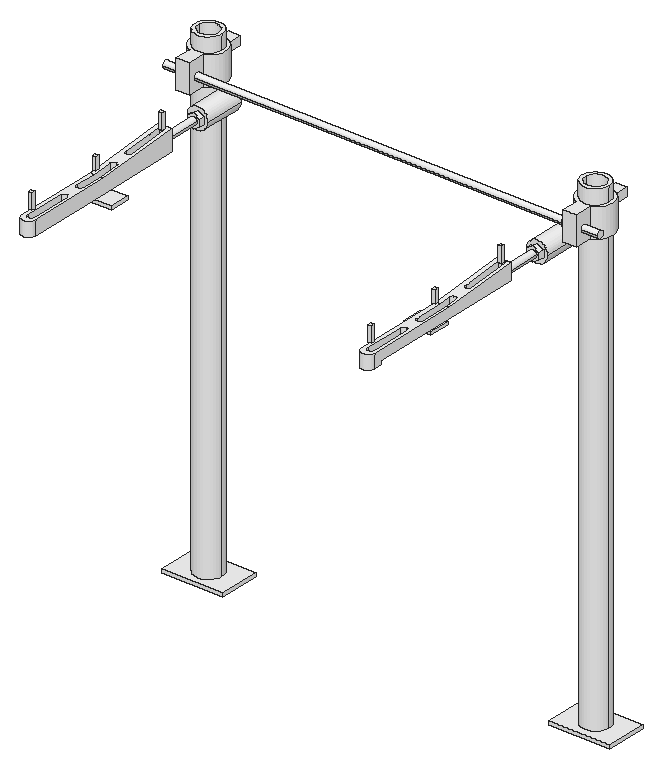
Revit family "Plumbing Fixture-Water_Closet_Carrier_Mifab_MC-42R", category Plumbing Fixtures, host Face, Revit 2013
Parameters
  WFU = 0
  URL = "www.mifab.com"
  Model = "MC-42-R"
  Manufacturer = "MIFAB"
  Floor Drain Material = Paint - Sherwin Williams Paint - #952C2A - Bellwood Red
  Description = "Fixture Carrier With Concealed Arms And Round Uprights For Ada Lavatories"
  Default Elevation = 0.000"
  Assembly Code = ""
Reference planes (in)
  plane 1 "Center (Front/Back)": y = 0
  plane 2: z = 0
  plane 3 "Center (Left/Right)": x = 0
Forms (in)
  Extrusion 1, solid, material "Paint - Sherwin Williams Paint - #952C2A - Bellwood Red" <- "Floor Drain Material"
    sketch origin (-0.29196, 0, 0) x (1, 0, 0) y (0, 1, 0)
      loop
        line (-16.49824, 1.5) -> (-16.49824, -1.5) -> (-11.99824, -1.5) -> (-11.99824, 1.5) -> (-16.49824, 1.5)
      loop
        line (16.50176, 1.5) -> (12.00176, 1.5) -> (12.00176, -1.5) -> (16.50176, -1.5) -> (16.50176, 1.5)
    from 0 to 0.25
  Extrusion 2, solid, material "Paint - Sherwin Williams Paint - #952C2A - Bellwood Red" <- "Floor Drain Material"
    sketch origin (-0.29196, 0, 0) x (1, 0, 0) y (0, 1, 0)
      loop
        circle (14.25176, 0) r 1
      loop
        circle (14.25176, 0) r 0.75
      loop
        circle (-14.24824, 0) r 1
      loop
        circle (-14.24824, 0) r 0.75
    from 0.25 to 36
  Extrusion 3, solid, material "Paint - Sherwin Williams Paint - #952C2A - Bellwood Red" <- "Floor Drain Material"
    sketch origin (11.65492, 0.03947, -1.5) x (0, 1, 0) y (0, 0, 1)
      loop
        line (-6.17964, 33.09919) -> (-6.17964, 34.3425) -> (-11.80094, 33.8507) -> (-18.14504, 33.8507) -> (-18.14504, 33.09919) -> (-6.17964, 33.09919)
    from 0 to 1
  Extrusion 4, solid, material "Paint - Sherwin Williams Paint - #952C2A - Bellwood Red" <- "Floor Drain Material"
    sketch origin (-2.04196, 41.8128, -1.23753) x (1, 0, 0) y (0, 0, 1)
      loop
        circle (14.25176, 33.3507) r 0.25
      loop
        circle (-10.74824, 33.3507) r 0.25
    from 45.38789 to 47.95296
  Extrusion 5, solid, material "Paint - Sherwin Williams Paint - #952C2A - Bellwood Red" <- "Floor Drain Material"
    sketch origin (-0.29196, -1.6872, -1.5) x (1, 0, 0) y (0, 0, 1)
      loop
        line (12.05665, 33.87016) -> (12.05665, 33.35618) -> (12.50176, 33.09919) -> (12.94688, 33.35618) -> (12.94688, 33.87016) -> (12.50176, 34.12715) -> (12.05665, 33.87016)
      loop
        line (-12.05312, 33.87016) -> (-12.49824, 34.12715) -> (-12.94335, 33.87016) -> (-12.94335, 33.35618) -> (-12.49824, 33.09919) -> (-12.05312, 33.35618) -> (-12.05312, 33.87016)
    from 1.5 to 1.88789
  Extrusion 6, solid, material "Paint - Sherwin Williams Paint - #952C2A - Bellwood Red" <- "Floor Drain Material"
    sketch origin (-12.33166, -0.5659, -1.5) x (0, 1, 0) y (0, 0, -1)
      loop
        line (-5.57427, -32.8507) -> (-17.53967, -32.8507) -> (-17.53967, -33.8507) -> (-11.80094, -33.8507) -> (-5.57427, -34.39547) -> (-5.57427, -32.8507)
    from 0 to 1
  Extrusion 7, solid, material "Paint - Sherwin Williams Paint - #952C2A - Bellwood Red" <- "Floor Drain Material"
    sketch origin (1.46157, -1.6872, 31.3507) x (-1, 0, 0) y (0, -1, 0)
      loop
        line (13.79323, 16.41836) -> (14.79323, 16.41836) -> (14.79323, 17)
        arc (14.79323, 17) -> (14.29323, 17.5) -> (13.79323, 17) r 0.5
        line (13.79323, 17) -> (13.79323, 16.41836)
    from 0 to 1
  Extrusion 8, solid, material "Paint - Sherwin Williams Paint - #952C2A - Bellwood Red" <- "Floor Drain Material"
    sketch origin (-2.04196, -1.6872, 31.3507) x (1, 0, 0) y (0, 1, 0)
      loop
        line (13.69688, -16.41836) -> (13.69688, -17)
        arc (13.69688, -17) -> (14.19688, -17.5) -> (14.69688, -17) r 0.5
        line (14.69688, -17) -> (14.69688, -16.41836) -> (13.69688, -16.41836)
    from 0 to 1
  Extrusion 9, void
    sketch origin (-0.29196, -1.6872, -1.5) x (1, 0, 0) y (0, 1, 0)
      loop
        line (-12.74824, -4.80094) -> (-12.74824, -7.80094)
        arc (-12.74824, -7.80094) -> (-12.49824, -8.05094) -> (-12.24824, -7.80094) r 0.25
        line (-12.24824, -7.80094) -> (-12.24824, -4.80094)
        arc (-12.24824, -4.80094) -> (-12.49824, -4.55094) -> (-12.74824, -4.80094) r 0.25
      loop
        line (-12.74824, -9.30094) -> (-12.74824, -12.30094)
        arc (-12.74824, -12.30094) -> (-12.49824, -12.55094) -> (-12.24824, -12.30094) r 0.25
        line (-12.24824, -12.30094) -> (-12.24824, -9.30094)
        arc (-12.24824, -9.30094) -> (-12.49824, -9.05094) -> (-12.74824, -9.30094) r 0.25
      loop
        line (-12.74824, -13.80094) -> (-12.74824, -16.80094)
        arc (-12.74824, -16.80094) -> (-12.49824, -17.05094) -> (-12.24824, -16.80094) r 0.25
        line (-12.24824, -16.80094) -> (-12.24824, -13.80094)
        arc (-12.24824, -13.80094) -> (-12.49824, -13.55094) -> (-12.74824, -13.80094) r 0.25
      loop
        arc (12.75176, -4.80094) -> (12.50176, -4.55094) -> (12.25176, -4.80094) r 0.25
        line (12.25176, -4.80094) -> (12.25176, -7.80094)
        arc (12.25176, -7.80094) -> (12.50176, -8.05094) -> (12.75176, -7.80094) r 0.25
        line (12.75176, -7.80094) -> (12.75176, -4.80094)
      loop
        arc (12.75176, -9.30094) -> (12.50176, -9.05094) -> (12.25176, -9.30094) r 0.25
        line (12.25176, -9.30094) -> (12.25176, -12.30094)
        arc (12.25176, -12.30094) -> (12.50176, -12.55094) -> (12.75176, -12.30094) r 0.25
        line (12.75176, -12.30094) -> (12.75176, -9.30094)
      loop
        arc (12.75176, -13.80094) -> (12.50176, -13.55094) -> (12.25176, -13.80094) r 0.25
        line (12.25176, -13.80094) -> (12.25176, -16.80094)
        arc (12.25176, -16.80094) -> (12.50176, -17.05094) -> (12.75176, -16.80094) r 0.25
        line (12.75176, -16.80094) -> (12.75176, -13.80094)
    from 33.29844 to 34.37564
  Extrusion 10, solid, material "Paint - Sherwin Williams Paint - #952C2A - Bellwood Red" <- "Floor Drain Material"
    sketch origin (-2.04196, -1.6872, -1.5) x (1, 0, 0) y (0, 1, 0)
      loop
        line (14.37676, -16.67594) -> (14.12676, -16.67594) -> (14.12676, -16.92594) -> (14.37676, -16.92594) -> (14.37676, -16.67594)
      loop
        line (14.37676, -4.95816) -> (14.37676, -4.74539) -> (14.12676, -4.74539) -> (14.12676, -4.95816) -> (14.37676, -4.95816)
      loop
        line (-10.87324, -16.67594) -> (-10.87324, -16.92594) -> (-10.62324, -16.92594) -> (-10.62324, -16.67594) -> (-10.87324, -16.67594)
      loop
        line (-10.87324, -4.95816) -> (-10.62324, -4.95816) -> (-10.62324, -4.70816) -> (-10.87324, -4.70816) -> (-10.87324, -4.95816)
    from 33.29844 to 35.51632
  Extrusion 11, solid, material "Paint - Sherwin Williams Paint - #952C2A - Bellwood Red" <- "Floor Drain Material"
    sketch origin (-2.04196, -1.6872, -0.85721) x (1, 0, 0) y (0, 1, 0)
      loop
        line (12.50176, -10.07993) -> (12.50176, -11.57993) -> (14.50176, -11.57993) -> (14.50176, -10.07993) -> (12.50176, -10.07993)
      loop
        line (-8.99824, -10.07993) -> (-10.99824, -10.07993) -> (-10.99824, -11.57993) -> (-8.99824, -11.57993) -> (-8.99824, -10.07993)
    from 31.95792 to 32.20792
  Extrusion 12, solid, material "Paint - Sherwin Williams Paint - #952C2A - Bellwood Red" <- "Floor Drain Material"
    sketch origin (-2.04196, 4.2109, -1.5) x (1, 0, 0) y (0, 1, 0)
      loop
        line (14.37676, -16.67594) -> (14.12676, -16.67594) -> (14.12676, -16.92594) -> (14.37676, -16.92594) -> (14.37676, -16.67594)
      loop
        line (-10.87324, -16.67594) -> (-10.87324, -16.92594) -> (-10.62324, -16.92594) -> (-10.62324, -16.67594) -> (-10.87324, -16.67594)
    from 33.29844 to 35.29844
  Extrusion 13, solid, material "Paint - Sherwin Williams Paint - #952C2A - Bellwood Red" <- "Floor Drain Material"
    sketch origin (63.95522, -0.89604, -2.25) x (0, 1, 0) y (0, 0, 1)
      loop
        circle (-0.85396, 36.06641) r 0.25
    from -80.24542 to -48.24542
  Extrusion 14, solid, material "Paint - Sherwin Williams Paint - #952C2A - Bellwood Red" <- "Floor Drain Material"
    sketch origin (0, 0, 0) x (1, 0, 0) y (0, 1, 0)
      loop
        arc (14.4598, -1.14564) -> (13.96085, 1.25) -> (13.45787, -1.1448) r 1.25
        line (13.45787, -1.1448) -> (13.45787, -2.36891) -> (14.4598, -2.36891) -> (14.4598, -1.14564)
      loop
        circle (13.9598, 0) r 1
      loop
        line (-15.0402, -1.14564) -> (-15.0402, -2.36891) -> (-14.0402, -2.36891) -> (-14.0402, -1.14564)
        arc (-14.0402, -1.14564) -> (-14.5402, 1.25) -> (-15.0402, -1.14564) r 1.25
      loop
        circle (-14.5402, 0) r 1
    from 32.8507 to 34.95792
  Extrusion 15, solid
    sketch origin (0, 0, 0) x (0, 1, 0) y (0, 0, 1)
      loop
        circle (-1.75, 33.81641) r 0.25
      loop
        line (-1.75, 34.21624) -> (-2.09627, 34.01632) -> (-2.09627, 33.61649) -> (-1.75, 33.41657) -> (-1.40373, 33.61649) -> (-1.40373, 34.01632) -> (-1.75, 34.21624)
    from 13.14287 to 13.45787
  Extrusion 16, solid
    sketch origin (0, 0, 0) x (0, 1, 0) y (0, 0, 1)
      loop
        circle (-1.75, 33.81641) r 0.25
      loop
        line (-1.75, 34.21624) -> (-2.09627, 34.01632) -> (-2.09627, 33.61649) -> (-1.75, 33.41657) -> (-1.40373, 33.61649) -> (-1.40373, 34.01632) -> (-1.75, 34.21624)
    from 13.14287 to 13.45787
  Extrusion 17, solid, material "Paint - Sherwin Williams Paint - #952C2A - Bellwood Red" <- "Floor Drain Material"
    sketch origin (0, 0, -1.5) x (1, 0, 0) y (0, 0, 1)
      loop
        circle (-12.7902, 33.61317) r 0.75997
      loop
        circle (12.2098, 33.61317) r 0.75997
    from 0.1872 to 3.1872
  Extrusion 18, solid, material "Paint - Sherwin Williams Paint - #952C2A - Bellwood Red" <- "Floor Drain Material"
    sketch origin (0, 0, 0) x (1, 0, 0) y (0, 1, 0)
      loop
        line (-14.9348, 2.36731) -> (-14.9348, 1.5) -> (-14.83289, 1.5) -> (-14.83289, 1.20868)
        arc (-14.83289, 1.20868) -> (-14.52718, 1.25007) -> (-14.22147, 1.20868) r 1.14965
        line (-14.22147, 1.20868) -> (-14.22147, 1.5) -> (-14.11956, 1.5) -> (-14.11956, 2.36731) -> (-14.9348, 2.36731)
      loop
        line (14.3544, 2.36731) -> (13.53917, 2.36731) -> (13.53917, 1.5) -> (13.64107, 1.5) -> (13.64107, 1.20868)
        arc (13.64107, 1.20868) -> (13.94678, 1.25007) -> (14.2525, 1.20868) r 1.14965
        line (14.2525, 1.20868) -> (14.2525, 1.5) -> (14.3544, 1.5) -> (14.3544, 2.36731)
    from 34.66394 to 34.01632
Cuts and joins
  Extrusion 9 cuts Extrusion 3
  Extrusion 9 cuts Extrusion 6
  Extrusion 9 cuts Extrusion 7
  Extrusion 9 cuts Extrusion 8
  Extrusion 9 cuts Extrusion 10
  Extrusion 9 cuts Extrusion 12
  joined: Extrusion 2, Extrusion 3, Extrusion 5, Extrusion 6, Extrusion 7, Extrusion 8, Extrusion 10, Extrusion 11, Extrusion 12, Extrusion 13, Extrusion 14, Extrusion 17
Dimensions and locks (in)
  Extrusion 1 sketch curve to Extrusion 1 sketch curve = 24.000"  (x2)
  locked: Extrusion 1 sketch curve to Extrusion 1 sketch curve at 4.5  (x2)
  aligned and locked: plane 2 to host face
  aligned and locked: level to host face
  aligned and locked: Extrusion 2 to Extrusion 1
  aligned and locked: Extrusion 6 to Extrusion 4
  aligned and locked: Extrusion 5 to Extrusion 4
  aligned and locked: Extrusion 8 to cut or joined group 1 (Extrusion 2, Extrusion 3, Extrusion 5, Extrusion 6, Extrusion 7, Extrusion 8, Extrusion 9, Extrusion 10, Extrusion 11, Extrusion 12, Extrusion 13, Extrusion 14, Extrusion 17)
  aligned and locked: Extrusion 6 to cut or joined group 1  (x2)
  aligned and locked: Extrusion 3 to Extrusion 8
  aligned and locked: Extrusion 8 to Extrusion 3
  aligned and locked: Extrusion 15 to Extrusion 14
  aligned and locked: Extrusion 17 to cut or joined group 1
  aligned and locked: Extrusion 18 to cut or joined group 1
